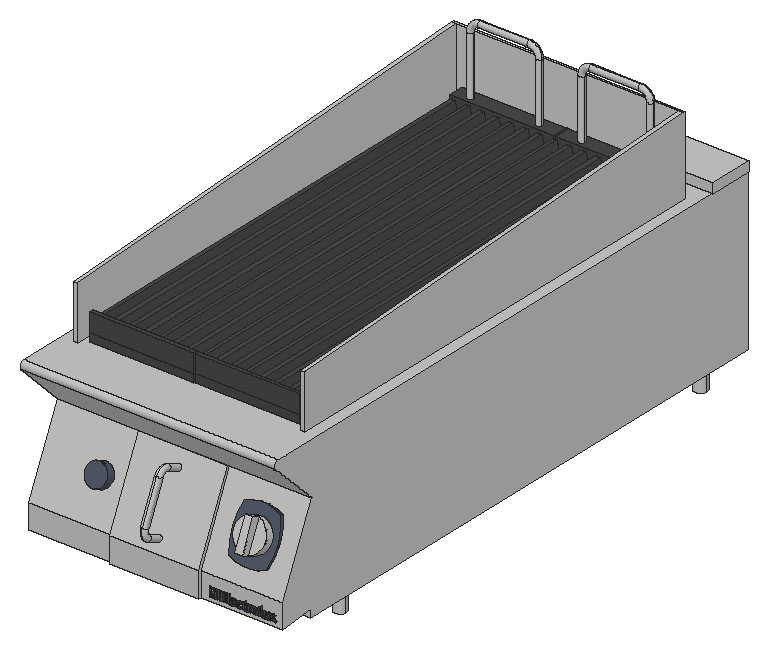
Revit family "QF_ELECTROLUXPROFESSIONAL_391186_E9GRTDGC0P", category Specialty Equipment, Revit 2018
Family settings
  Round Connector Dimension = Use Diameter
  Part Type = Normal
  Work Plane-Based = No
  Always vertical = Yes
  Cut with Voids When Loaded = No
  Shared = No
  Room Calculation Point = No
Parameters
  Width = 400 mm  # constant formula
  Weight in Pounds = 132.3
  Watts = 0 W
  URL Cutsheet = "www.electrolux.com"
  URL = "www.electrolux.com"
  Type Mark [instance] = ""
  Status [instance] = ""
  Specification by User [instance] = ""
  Specification by Manufacturer = ""
  Show Logo [instance] = yes
  Show Clearance [instance] = yes
  Serial Number = ""
  Seismic Rating = ""
  SMACNA No = ""
  Revision Code [instance] = ""
  Omniclass Number and Title = ""
  NAFEM Spec ID Number = ""
  Model = "391186"
  Mechanical Remarks [instance] = ""
  Mechanical Connection Type [instance] = ""
  Masterspec = ""
  Manufacturer = "ELECTROLUX"
  Item Number [instance] = ""
  Installed By [instance] = ""
  Identify Quantity as Lot [instance] = yes
  HP = "0 HP"
  Gas Size = 3/4"
  Gas RI Height [instance] = 0 mm
  Gas KW [instance] = 10  # constant formula
  Gas Input [instance] = 10000 VA  # 34121.4 Btu/h
  Gas Connection Height = 0 mm
  Furnished By [instance] = ""
  Foodservice Equipment Identifier [instance] = yes
  Direct Waste Size = 0"
  Description = "GAS GRILL TOP HP 400 MM TOWN GAS"
  Depth = 930 mm  # constant formula
  CSI MasterFormat = ""
  CSI Master Format = ""
  Base Height [instance] = 0 mm
Reference planes
  plane 1 "BACK": y = 0
  plane 2: z = 0
  plane 3 "LEFT": x = 0
  plane 4 "RIGHT": x = 400
  plane 5 "FRONT": y = -930
  plane 6 "TOP": z = 275
  plane 7 "Center Y": x = 200
  plane 8 "Center X": y = -465
  plane 9: z = 24
  plane 10: z = 425
  plane 11: x = 11
  plane 12: y = -1690
  plane 13: y = -80
  plane 14: y = -788
  plane 15: y = -941
  plane 16: x = 389
Forms (mm)
  Extrusion 1, solid, material "QF_Finishes_Black"
    sketch origin (52.271, -831.985, 287.7) x (-0.153405, 0, 0.988163) y (-0.988163, 0, -0.153405)
      loop
        line (31.654, 12.538) -> (2.646, 17.041) -> (-22.417, -144.4) -> (6.591, -148.903) -> (31.654, 12.538)
      loop
        line (-47.971, -309.003) -> (-18.962, -313.506) -> (6.1, -152.065) -> (-22.908, -147.562) -> (-47.971, -309.003)
    from 5 to 0
  Extrusion 2, solid, material "QF_Finishes_Stainless Steel"
    sketch origin (0, 0, 0) x (0, 1, 0) y (0, 0, 1)
      loop
        line (0, 275) -> (-922.639, 275)
        arc (-922.639, 275) -> (-929.44, 270.456) -> (-927.844, 262.434) r 7.361
        line (-927.844, 262.434) -> (-857.044, 191.634) -> (-913.4, 69.19) -> (-913.4, 31.09) -> (-860.028, 36.7) -> (-860.028, 24) -> (0, 24) -> (0, 275)
    from 0 to 400
  Extrusion 3, solid, material "QF_Finishes_Stainless Steel"
    sketch origin (0, 0, 0) x (1, 0, 0) y (0, 1, 0)
      loop
        circle (11, -80) r 9.525
      loop
        circle (11, -788) r 9.525
      loop
        circle (389, -80) r 9.525
      loop
        circle (389, -788) r 9.525
    from 0 to 24
  Extrusion 4, solid, material "QF_Finishes_Stainless Steel"
    sketch origin (151.15, -199.714, 0) x (0, 1, 0) y (0, 0, 1)
      loop
        line (-657.416, 191.447) -> (-660.323, 192.784) -> (-716.972, 69.704) -> (-716.972, 30.903) -> (-713.772, 30.903) -> (-713.772, 69.003) -> (-657.416, 191.447)
    from -21.15 to 118.85
  Sweep 5, solid, material "QF_Finishes_Stainless Steel"
    path origin (200, 175.397, 1219.2) x (0, 1, 0) y (0, 0, 1)
      loop
        line (-1045.726, -1048.776) -> (-1066.355, -1039.282)
        arc (-1066.355, -1039.282) -> (-1076.068, -1038.906) -> (-1083.202, -1045.508) r 12.7
        line (-1083.202, -1045.508) -> (-1110.749, -1105.361)
        arc (-1110.749, -1105.361) -> (-1111.125, -1115.074) -> (-1104.523, -1122.207) r 12.7
        line (-1104.523, -1122.207) -> (-1083.894, -1131.702)
    profile origin (200, -880.643, 175.171) x (0, -0.418102, -0.9084) y (1, 0, 0)
      loop
        circle (0, 0) r 4.572
  Extrusion 6, solid, material "QF_Finishes_Navy Blue"
    sketch origin (653.031, -927.103, 39.419) x (0, 0.418102, 0.9084) y (-1, 0, 0)
      loop
        circle (98.862, 559.801) r 17.8
    from 0 to 12.7
  Extrusion 7, solid, material "QF_Door-Drawer Clearances", visible <- "Show Clearance", detail levels coarse
    sketch origin (200, 175.397, 1219.2) x (0, 1, 0) y (0, 0, 1)
      loop
        line (-1035.434, -1026.416) -> (-1784.369, -1026.416) -> (-1841.019, -1149.496) -> (-1841.019, -1188.297) -> (-1092.084, -1188.297) -> (-1092.084, -1149.496) -> (-1035.434, -1026.416)
    from 70 to -70
  Extrusion 8, solid, material "QF_Finishes_Navy Blue"
    sketch origin (-203.02, -913.486, 69.003) x (0, 0.418102, 0.9084) y (-1, 0, 0)
      loop
        arc (102.623, -510.47) -> (67.041, -502.846) -> (31.333, -509.853) r 90.5
        arc (31.333, -509.853) -> (24.507, -539.04) -> (31.333, -568.228) r 65.817
        arc (31.333, -568.228) -> (67.04, -575.188) -> (102.623, -567.615) r 91.066
        arc (102.623, -567.615) -> (109.179, -539.043) -> (102.623, -510.47) r 65.546
    from 0 to 3.175
  Extrusion 9, solid, material "QF_Finishes_Stainless Steel"
    sketch origin (175.73, -917.2, 68.529) x (0, 0.418102, 0.9084) y (-1, 0, 0)
      loop
        circle (68.826, -160.963) r 25.4
    from 0 to 12.7
  Extrusion 10, solid, material "QF_Finishes_Stainless Steel"
    sketch origin (175.73, -928.736, 73.839) x (0, 0.418102, 0.9084) y (-1, 0, 0)
      loop
        arc (93.558, -166.749) -> (94.226, -160.963) -> (93.558, -155.177) r 25.4
        line (93.558, -155.177) -> (44.094, -155.177)
        arc (44.094, -155.177) -> (43.426, -160.963) -> (44.094, -166.749) r 25.4
        line (44.094, -166.749) -> (93.558, -166.749)
    from 0 to 12.7
  Sweep 11, solid, material "QF_Door-Drawer Clearances", visible <- "Show Clearance", detail levels coarse
    path origin (200, 175.397, 1219.2) x (0, 1, 0) y (0, 0, 1)
      loop
        line (-1794.661, -1048.776) -> (-1815.29, -1039.282)
        arc (-1815.29, -1039.282) -> (-1825.003, -1038.906) -> (-1832.136, -1045.508) r 12.7
        line (-1832.136, -1045.508) -> (-1859.684, -1105.361)
        arc (-1859.684, -1105.361) -> (-1860.06, -1115.074) -> (-1853.457, -1122.207) r 12.7
        line (-1853.457, -1122.207) -> (-1832.829, -1131.702)
    profile origin (200, -1629.578, 175.171) x (0, -0.418102, -0.9084) y (1, 0, 0)
      loop
        circle (0, 0) r 4.572
  Extrusion 12, solid, material "QF_Finishes_Stainless Steel"
    sketch origin (35.025, -104.885, 275) x (0, 0, 1) y (1, 0, 0)
      loop
        line (0, -16.35) -> (122.362, -16.35) -> (122.362, 346.3) -> (0, 346.3) -> (0, -16.35)
    from 0 to 3.2
  Extrusion 13, solid, material "QF_Finishes_Stainless Steel"
    sketch origin (0, -101.6, 24) x (-1, 0, 0) y (0, 1, 0)
      loop
        circle (-347.9, -561.4) r 6.35
    from 0 to 9
  Extrusion 14, solid, material "QF_Finishes_Stainless Steel"
    sketch origin (25.025, -104.885, 396.363) x (0, -1, 0) y (0, 0, -1)
      loop
        line (0, -1) -> (743.115, 37.857) -> (743.115, 121.363) -> (0, 121.363) -> (0, -1)
    from 0 to -6.35
  Extrusion 15, solid, material "QF_Finishes_Stainless Steel"
    sketch origin (374.975, -104.885, 396.363) x (0, -1, 0) y (0, 0, 1)
      loop
        line (0, 1) -> (0, -121.363) -> (743.115, -121.362) -> (743.115, -37.857) -> (0, 1)
    from 0 to -6.35
  Sweep 16, solid, material "QF_Finishes_Stainless Steel"
    path origin (-10.789, -118.772, 31.265) x (0, 0, 1) y (-1, 0, 0)
      loop
        line (280.79, -69.374) -> (373.677, -69.374)
        arc (373.677, -69.374) -> (384.453, -73.837) -> (388.917, -84.614) r 15.24
        line (388.917, -84.614) -> (388.917, -162.056)
        arc (388.917, -162.056) -> (384.453, -172.833) -> (373.677, -177.296) r 15.24
        line (373.677, -177.296) -> (280.79, -177.296)
    profile origin (58.585, -118.772, 358.499) x (-1, 0, 0) y (0, -1, 0)
      loop
        circle (0, 0) r 4.572
  Sweep 17, solid, material "QF_Finishes_Stainless Steel"
    path origin (410.789, -118.772, 31.265) x (0, 0, 1) y (-1, 0, 0)
      loop
        line (280.79, 69.374) -> (373.677, 69.374)
        arc (373.677, 69.374) -> (384.453, 73.837) -> (388.917, 84.614) r 15.24
        line (388.917, 84.614) -> (388.917, 162.056)
        arc (388.917, 162.056) -> (384.453, 172.833) -> (373.677, 177.296) r 15.24
        line (373.677, 177.296) -> (280.79, 177.296)
    profile origin (341.415, -118.772, 358.499) x (-1, 0, 0) y (0, -1, 0)
      loop
        circle (0, 0) r 4.572
  Extrusion 18, solid, material "QF_Finishes_Black"
    sketch origin (0, 0, 275) x (0, -1, 0) y (1, 0, 0)
      loop
        line (836.985, 198.45) -> (130.285, 198.45) -> (130.285, 35.025) -> (836.985, 35.025) -> (836.985, 198.45)
      loop
        line (836.985, 201.55) -> (836.985, 364.975) -> (130.285, 364.975) -> (130.285, 201.55) -> (836.985, 201.55)
    from 0 to 12.7
  Extrusion 19, solid, material "QF_Finishes_Black"
    sketch origin (0, 0, 287.7) x (0, -1, 0) y (1, 0, 0)
      loop
        line (104.885, 198.45) -> (104.885, 35.025) -> (130.285, 35.025) -> (130.285, 198.45) -> (104.885, 198.45)
      loop
        line (130.285, 201.55) -> (130.285, 364.975) -> (104.885, 364.975) -> (104.885, 201.55) -> (130.285, 201.55)
    from 0 to 24.356
  Extrusion 20, solid, material "QF_Finishes_Stainless Steel"
    sketch origin (0, 0, 275) x (0, -1, 0) y (1, 0, 0)
      loop
        line (0, 400) -> (0, 0) -> (69.85, 0) -> (69.85, 400) -> (0, 400)
    from 0 to 15
  Extrusion 21, solid, material "QF_Clearances", visible <- "Show Clearance", detail levels coarse
    sketch origin (0, 0, 0) x (1, 0, 0) y (0, 1, 0)
      loop
        line (400, -930) -> (552, -930) -> (552, 203) -> (-152, 203) -> (-152, -930) -> (0, -930) -> (0, 0) -> (400, 0) -> (400, -930)
    from 0 to 425
  Extrusion 22, solid, material "QF_Finishes_Navy Blue", visible <- "Show Logo"
    sketch origin (0, -913.4, 31.09) x (0, 0, 1) y (-1, 0, 0)
      loop
        line (20.486, -293.797) -> (8.12, -293.797)
        arc (8.12, -293.797) -> (14.303, -298.368) -> (20.486, -293.797) r 6.467
      loop
        arc (20.486, -293.168) -> (19.317, -288.025) -> (14.662, -285.547) r 6.338
        line (14.662, -285.547) -> (14.662, -287.593)
        arc (14.662, -287.593) -> (16.145, -291.248) -> (19.591, -293.168) r 5.941
        line (19.591, -293.168) -> (20.486, -293.168)
      loop
        arc (9.015, -293.168) -> (12.461, -291.248) -> (13.945, -287.593) r 5.941
        line (13.945, -287.593) -> (13.945, -285.547)
        arc (13.945, -285.547) -> (9.25, -288.021) -> (7.961, -293.168) r 6.504
        line (7.961, -293.168) -> (9.015, -293.168)
      loop
        line (21.161, -285.078) -> (7.417, -285.078) -> (7.417, -298.841) -> (21.161, -298.841) -> (21.161, -285.078)
      loop
        arc (21.245, -301.808) -> (20.897, -301.451) -> (20.53, -301.789) r 0.358
        arc (20.53, -301.789) -> (20.216, -302.539) -> (19.499, -302.924) r 1.216
        line (19.499, -302.924) -> (9.087, -302.924)
        arc (9.087, -302.924) -> (8.427, -302.646) -> (8.031, -302.05) r 1.238
        arc (8.031, -302.05) -> (7.636, -301.799) -> (7.33, -302.153) r 0.358
        line (7.33, -302.153) -> (7.33, -312.032) -> (10.081, -312.032) -> (10.081, -311.135)
        arc (10.081, -311.135) -> (9.172, -310.555) -> (8.717, -309.578) r 1.928
        line (8.717, -309.578) -> (8.717, -307.079)
        arc (8.717, -307.079) -> (8.992, -306.35) -> (9.681, -305.986) r 1.101
        line (9.681, -305.986) -> (13.767, -305.986) -> (13.767, -309.659)
        arc (13.767, -309.659) -> (13.415, -310.157) -> (12.849, -310.384) r 1.083
        arc (12.849, -310.384) -> (12.586, -310.69) -> (12.878, -310.968) r 0.292
        line (12.878, -310.968) -> (15.84, -310.968)
        arc (15.84, -310.968) -> (16.143, -310.695) -> (15.904, -310.365) r 0.305
        arc (15.904, -310.365) -> (15.414, -310.117) -> (15.109, -309.659) r 1.083
        line (15.109, -309.659) -> (15.109, -305.986) -> (19.786, -305.986) -> (19.786, -309.733)
        arc (19.786, -309.733) -> (19.572, -310.489) -> (18.965, -310.987) r 1.314
        arc (18.965, -310.987) -> (18.746, -311.391) -> (19.101, -311.683) r 0.361
        line (19.101, -311.683) -> (21.245, -311.683) -> (21.245, -301.808)
      loop
        arc (20.528, -312.464) -> (20.147, -313.383) -> (19.229, -313.763) r 1.299
        line (19.229, -313.763) -> (9.65, -313.763)
        arc (9.65, -313.763) -> (8.812, -313.385) -> (8.54, -312.507) r 1.118
        line (8.54, -312.507) -> (7.33, -312.507) -> (7.33, -317.857) -> (8.519, -317.857)
        arc (8.519, -317.857) -> (8.79, -316.94) -> (9.66, -316.544) r 1.153
        line (9.66, -316.544) -> (21.733, -316.544) -> (20.528, -312.464)
      loop
        line (12.295, -320.493) -> (12.295, -326.941) -> (13.094, -326.941)
        arc (13.094, -326.941) -> (15.675, -325.956) -> (16.943, -323.502) r 3.874
        line (16.943, -323.502) -> (16.943, -321.742)
        arc (16.943, -321.742) -> (15.757, -318.877) -> (12.892, -317.691) r 4.051
        line (12.892, -317.691) -> (10.884, -317.691)
        arc (10.884, -317.691) -> (8.066, -319.176) -> (7.014, -322.183) r 4.352
        arc (7.014, -322.183) -> (7.378, -324.646) -> (8.756, -326.72) r 5.713
        line (8.756, -326.72) -> (9.705, -326.72)
        arc (9.705, -326.72) -> (8.972, -325.151) -> (8.756, -323.433) r 5.579
        arc (8.756, -323.433) -> (9.55, -321.47) -> (11.429, -320.493) r 3.057
        line (11.429, -320.493) -> (12.295, -320.493)
      loop
        line (13.554, -320.493) -> (13.554, -324.075)
        arc (13.554, -324.075) -> (15.011, -324.122) -> (15.894, -322.963) r 1.59
        line (15.894, -322.963) -> (15.894, -322.133)
        arc (15.894, -322.133) -> (15.03, -320.878) -> (13.554, -320.493) r 2.184
      loop
        arc (16.345, -336.358) -> (16.834, -334.684) -> (16.992, -332.947) r 9.023
        line (16.992, -332.947) -> (16.992, -331.585)
        arc (16.992, -331.585) -> (15.832, -328.785) -> (13.033, -327.626) r 3.959
        line (13.033, -327.626) -> (10.432, -327.626)
        arc (10.432, -327.626) -> (8.151, -328.918) -> (7.033, -331.291) r 4.331
        line (7.033, -331.291) -> (7.033, -333.426)
        arc (7.033, -333.426) -> (7.542, -334.976) -> (8.463, -336.322) r 5.772
        arc (8.463, -336.322) -> (9.225, -336.373) -> (9.311, -335.614) r 0.553
        arc (9.311, -335.614) -> (8.924, -334.88) -> (8.79, -334.061) r 2.573
        line (8.79, -334.061) -> (8.79, -332.546)
        arc (8.79, -332.546) -> (9.796, -330.904) -> (11.61, -330.262) r 2.884
        line (11.61, -330.262) -> (12.889, -330.262)
        arc (12.889, -330.262) -> (14.71, -330.822) -> (15.637, -332.487) r 2.554
        line (15.637, -332.487) -> (15.637, -333.54)
        arc (15.637, -333.54) -> (15.305, -334.468) -> (14.648, -335.203) r 2.564
        arc (14.648, -335.203) -> (14.427, -335.92) -> (15.036, -336.358) r 0.643
        line (15.036, -336.358) -> (16.345, -336.358)
      loop
        line (15.327, -336.628) -> (15.327, -338.129) -> (9.279, -338.129)
        arc (9.279, -338.129) -> (7.691, -338.787) -> (7.033, -340.375) r 2.246
        line (7.033, -340.375) -> (7.033, -341.959)
        arc (7.033, -341.959) -> (7.347, -342.823) -> (7.848, -343.595) r 4.06
        arc (7.848, -343.595) -> (8.58, -343.728) -> (8.832, -343.027) r 0.576
        arc (8.832, -343.027) -> (8.726, -342.501) -> (8.79, -341.969) r 1.69
        arc (8.79, -341.969) -> (9.331, -341.181) -> (10.238, -340.878) r 1.506
        line (10.238, -340.878) -> (15.376, -340.878) -> (15.376, -343.275) -> (15.932, -343.831) -> (16.754, -343.831) -> (16.754, -340.972) -> (19.985, -340.972) -> (15.327, -336.628)
      loop
        line (7.251, -344.729) -> (7.251, -350.116) -> (8.361, -350.116)
        arc (8.361, -350.116) -> (8.755, -349.165) -> (9.706, -348.771) r 1.345
        line (9.706, -348.771) -> (13.322, -348.771)
        arc (13.322, -348.771) -> (14.087, -349.363) -> (14.376, -350.285) r 1.615
        line (14.376, -350.285) -> (14.376, -351.841) -> (16.932, -352.526) -> (16.932, -351.143) -> (14.989, -348.584) -> (16.87, -348.584) -> (16.585, -345.878)
        arc (16.585, -345.878) -> (16.146, -345.348) -> (15.487, -345.549) r 0.621
        arc (15.487, -345.549) -> (15.086, -345.891) -> (14.592, -346.074) r 1.501
        line (14.592, -346.074) -> (9.706, -346.074)
        arc (9.706, -346.074) -> (8.755, -345.68) -> (8.361, -344.729) r 1.345
        line (8.361, -344.729) -> (7.251, -344.729)
      loop
        line (13.353, -352.063) -> (10.66, -352.063)
        arc (10.66, -352.063) -> (8.215, -353.371) -> (7.081, -355.901) r 4.288
        arc (7.081, -355.901) -> (7.018, -357.282) -> (7.081, -358.662) r 15.022
        arc (7.081, -358.662) -> (8.215, -361.193) -> (10.66, -362.5) r 4.288
        line (10.66, -362.5) -> (13.353, -362.5)
        arc (13.353, -362.5) -> (15.798, -361.193) -> (16.932, -358.662) r 4.288
        arc (16.932, -358.662) -> (16.996, -357.282) -> (16.932, -355.901) r 15.022
        arc (16.932, -355.901) -> (15.798, -353.371) -> (13.353, -352.063) r 4.288
      loop
        line (13.557, -355.177) -> (10.456, -355.177)
        arc (10.456, -355.177) -> (8.299, -357.334) -> (10.456, -359.491) r 2.157
        line (10.456, -359.491) -> (13.557, -359.491)
        arc (13.557, -359.491) -> (15.714, -357.334) -> (13.557, -355.177) r 2.157
      loop
        arc (20.538, -362.358) -> (20.168, -363.252) -> (19.274, -363.623) r 1.264
        line (19.274, -363.623) -> (9.409, -363.623)
        arc (9.409, -363.623) -> (8.539, -363.226) -> (8.268, -362.31) r 1.153
        line (8.268, -362.31) -> (7.33, -362.31) -> (7.33, -367.418) -> (8.259, -367.418)
        arc (8.259, -367.418) -> (8.618, -366.646) -> (9.409, -366.331) r 1.153
        line (9.409, -366.331) -> (21.733, -366.331) -> (20.538, -362.358)
      loop
        arc (15.658, -366.956) -> (15.459, -368.02) -> (14.49, -368.502) r 1.215
        line (14.49, -368.502) -> (9.47, -368.502)
        arc (9.47, -368.502) -> (7.856, -369.149) -> (7.135, -370.732) r 2.338
        line (7.135, -370.732) -> (7.135, -372.247)
        arc (7.135, -372.247) -> (7.309, -373.251) -> (7.812, -374.137) r 2.979
        line (7.812, -374.137) -> (7.33, -375.934) -> (7.33, -377.622) -> (16.756, -377.622) -> (16.462, -373.419) -> (15.675, -373.419)
        arc (15.675, -373.419) -> (15.32, -374.255) -> (14.567, -374.764) r 1.605
        line (14.567, -374.764) -> (9.465, -374.764)
        arc (9.465, -374.764) -> (9.044, -373.827) -> (8.972, -372.803) r 2.94
        arc (8.972, -372.803) -> (9.532, -371.702) -> (10.686, -371.259) r 1.724
        line (10.686, -371.259) -> (16.882, -371.259) -> (15.658, -366.956)
      loop
        line (16.687, -378.476) -> (15.014, -380.522) -> (11.841, -382.828) -> (8.384, -379.716)
        arc (8.384, -379.716) -> (8.147, -379.322) -> (8.169, -378.863) r 0.789
        line (8.169, -378.863) -> (7.33, -378.863) -> (7.33, -382.408) -> (8.157, -382.408)
        arc (8.157, -382.408) -> (8.499, -382.046) -> (8.989, -382.138) r 0.52
        line (8.989, -382.138) -> (10.789, -383.609) -> (8.67, -384.985)
        arc (8.67, -384.985) -> (8.269, -384.675) -> (8.183, -384.175) r 0.7
        line (8.183, -384.175) -> (7.33, -384.175) -> (7.33, -390.102) -> (8.217, -390.102)
        arc (8.217, -390.102) -> (8.284, -389.443) -> (8.679, -388.912) r 1.247
        line (8.679, -388.912) -> (12.878, -385.631) -> (15.326, -387.684) -> (16.687, -389.426) -> (16.687, -385.702) -> (15.202, -386.125) -> (13.68, -384.848) -> (15.38, -383.658) -> (16.687, -384.434) -> (16.687, -378.476)
    from 0 to 1.644
  Extrusion 23, solid, material "QF_Finishes_Stainless Steel"
    sketch origin (0, 0, 274.825) x (0, 0, -1) y (-1, 0, 0)
      loop
        circle (220.85, -347.613) r 9.525
    from -50.8 to -54
Cuts and joins
  joined: Extrusion 12, Extrusion 14, Extrusion 15
Lines and regions (mm)
  Split face 1
    outline origin (-203.02, -916.37, 70.33) x (0, 0.418102, 0.9084) y (-1, 0, 0)
      loop
        arc (67.041, -503.158) -> (48.669, -506.69) -> (35.363, -519.842) r 32.191
        line (35.363, -519.842) -> (45.047, -525.087)
        arc (45.047, -525.087) -> (54.648, -516.737) -> (67.041, -513.859) r 26.351
        line (67.041, -513.859) -> (67.041, -503.158)
  Split face 2
    outline origin (-203.02, -916.37, 70.33) x (0, 0.418102, 0.9084) y (-1, 0, 0)
      loop
        line (44.251, -526.293) -> (34.615, -521.075)
        arc (34.615, -521.075) -> (41.047, -560.592) -> (81.049, -562.261) r 31.684
        arc (81.049, -562.261) -> (48.21, -559.05) -> (44.251, -526.293) r 26.351
  symbolic lines, style "QF_Door-Drawer Clearances"
    curve 1: line (270, -1665.621, 0) -> (270, -930, 0)
    curve 2: line (270, -1665.621, 0) -> (218.222, -1665.621, 0)
    curve 3: line (130, -1665.621, 0) -> (130, -930, 0)
    curve 4: spline (213.65, -1617.352, 0) -> (214.247, -1617.369, 0) -> (214.833, -1617.417, 0) -> (215.4, -1617.498, 0) -> (215.936, -1617.608, 0) -> (216.433, -1617.747, 0) -> (216.883, -1617.912, 0) -> (217.277, -1618.1, 0) -> (217.609, -1618.308, 0) -> (217.874, -1618.532, 0) -> (218.066, -1618.769, 0) -> (218.183, -1619.014, 0) -> (218.222, -1619.264, 0)
    curve 5: spline (209.078, -1619.264, 0) -> (209.117, -1619.014, 0) -> (209.234, -1618.769, 0) -> (209.426, -1618.532, 0) -> (209.691, -1618.308, 0) -> (210.023, -1618.1, 0) -> (210.417, -1617.912, 0) -> (210.867, -1617.747, 0) -> (211.364, -1617.608, 0) -> (211.9, -1617.498, 0) -> (212.467, -1617.417, 0) -> (213.053, -1617.369, 0) -> (213.65, -1617.352, 0)
    curve 6: line (218.222, -1619.264, 0) -> (218.222, -1685.435, 0)
    curve 7: line (209.078, -1619.264, 0) -> (209.078, -1685.435, 0)
    curve 8: arc (209.078, -1685.435, 0) -> (213.65, -1690.007, 0) -> (218.222, -1685.435, 0) r 4.572
    curve 9: line (209.078, -1665.621, 0) -> (130, -1665.621, 0)
  symbolic lines
    curve 10: line (0, 0, 0) -> (0, -930, 0)
    curve 11: line (219.938, -130.285, 0) -> (198.45, -130.285, 0)
    curve 12: line (233.404, -123.365, 0) -> (341.02, -123.365, 0)
    curve 13: line (233.404, -114.221, 0) -> (341.02, -114.221, 0)
    curve 14: arc (341.02, -114.221, 0) -> (345.592, -118.793, 0) -> (341.02, -123.365, 0) r 4.572
    curve 15: arc (233.404, -114.221, 0) -> (228.832, -118.793, 0) -> (233.404, -123.365, 0) r 4.572
    curve 16: line (36.625, -130.285, 0) -> (216.737, -130.285, 0)
    curve 17: line (58.584, -123.344, 0) -> (166.539, -123.344, 0)
    curve 18: line (58.584, -114.2, 0) -> (166.539, -114.2, 0)
    curve 19: arc (166.539, -114.2, 0) -> (171.111, -118.772, 0) -> (166.539, -123.344, 0) r 4.572
    curve 20: arc (58.584, -114.2, 0) -> (54.012, -118.772, 0) -> (58.584, -123.344, 0) r 4.572
    curve 24: line (0, 0, 0) -> (400, 0, 0)
    curve 25: line (400, 0, 0) -> (400, -930, 0)
    curve 26: line (400, -930, 0) -> (0, -930, 0)
    curve 27: line (0, -69.85, 0) -> (400, -69.85, 0)
    curve 28: line (381.325, -101.685, 0) -> (18.675, -101.685, 0)
    curve 29: line (18.675, -101.685, 0) -> (18.675, -104.885, 0)
    curve 30: line (18.675, -104.885, 0) -> (25.025, -104.885, 0)
    curve 31: line (25.025, -104.885, 0) -> (374.975, -104.885, 0)
    curve 32: line (374.975, -104.885, 0) -> (381.325, -104.885, 0)
    curve 33: line (381.325, -104.885, 0) -> (381.325, -101.685, 0)
    curve 34: line (18.675, -848, 0) -> (18.675, -104.885, 0)
    curve 35: line (25.025, -848, 0) -> (25.025, -104.885, 0)
    curve 36: line (35.025, -104.885, 0) -> (35.025, -130.285, 0)
    curve 37: line (198.45, -130.285, 0) -> (198.45, -104.885, 0)
    curve 38: line (201.55, -104.885, 0) -> (201.55, -130.285, 0)
    curve 39: line (364.975, -130.285, 0) -> (364.975, -104.885, 0)
    curve 40: line (374.975, -104.885, 0) -> (374.975, -848, 0)
    curve 41: line (381.325, -104.885, 0) -> (381.325, -848, 0)
    curve 42: line (374.975, -848, 0) -> (381.325, -848, 0)
    curve 43: line (35.025, -836.985, 0) -> (364.975, -836.985, 0)
    curve 44: line (364.975, -836.985, 0) -> (364.975, -831.985, 0)
    curve 45: line (35.025, -831.985, 0) -> (35.025, -836.985, 0)
    curve 46: line (18.675, -848, 0) -> (25.025, -848, 0)
  symbolic lines, style "QF_Clearances", visible <- "Show Clearance", detail levels coarse
    curve 21: line (552, 203, 0) -> (-152, 203, 0)
    curve 22: line (-152, 203, 0) -> (-152, -930, 0)
    curve 23: line (552, -930, 0) -> (552, 203, 0)
Dimensions and locks
  equal spacing: plane 3 "LEFT", plane 7 "Center Y", plane 4 "RIGHT"
  "Width": plane 3 "LEFT" to plane 4 "RIGHT"
  equal spacing: plane 5 "FRONT", plane 8 "Center X", plane 1 "BACK"
  "Depth": plane 5 "FRONT" to plane 1 "BACK"
  plane 6 "TOP" to level = 275 mm
  plane 9 to level = 24 mm
  plane 6 "TOP" to plane 9 = 251 mm  (x2)
  plane 10 to level = 425 mm
  plane 10 to plane 9 = 401 mm
  plane 1 "BACK" to plane 12 = 1690 mm  (x2)
  plane 1 "BACK" to plane 5 "FRONT" = 930 mm  (x2)
  plane 5 "FRONT" to plane 14 to plane 13 to plane 1 "BACK" = 142 mm, 708 mm, 80 mm
  plane 9 to plane 2 = 24 mm
  Extrusion 20 to plane 9 = 266 mm
  plane 12 to plane 1 "BACK" = 1690 mm
  plane 5 "FRONT" to plane 1 "BACK" = 930 mm
  plane 15 to plane 1 "BACK" = 941 mm
  Extrusion 13 to plane 9 = 9 mm
  Extrusion 13 sketch curve to plane 1 "BACK" = 663 mm
  Extrusion 23 sketch curve to plane 4 "RIGHT" = 52.388 mm
  Extrusion 23 sketch curve to level = 53.975 mm
  plane 1 "BACK" to plane 15 = 941 mm
  plane 1 "BACK" to plane 13 = 80 mm
  plane 14 to plane 5 "FRONT" = 142 mm
  plane 9 to Extrusion 21 = 24 mm
  plane 11 to plane 3 "LEFT" = 11 mm
  plane 4 "RIGHT" to plane 16 = 11 mm
  plane 11 to plane 16 = 378 mm
  aligned and locked: level to plane 2
  aligned and locked: plane 10 to Extrusion 21
Automatic sketch dimensions
  plane 6 "TOP" to Extrusion 1 sketch curve = 12.7 mm
  plane 4 "RIGHT" to Extrusion 1 sketch curve = 35.025 mm
  Extrusion 1 sketch curve to Extrusion 1 sketch curve = 25.063 mm  (x2)
  Extrusion 1 sketch curve to Extrusion 1 sketch curve = 0.491 mm  (x2)
  Extrusion 1 sketch curve to Extrusion 1 sketch curve = 29.008 mm
  Extrusion 1 sketch curve to Extrusion 1 sketch curve = 4.503 mm
  Extrusion 1 sketch curve to Extrusion 1 sketch curve = 3.162 mm  (x2)
  Extrusion 2 sketch curve to plane 6 "TOP" = 0 mm
  Extrusion 2 sketch curve to plane 9 = 0 mm
  Extrusion 2 sketch curve to plane 1 "BACK" = 0 mm
  Extrusion 2 sketch curve to plane 5 "FRONT" = 72.956 mm
  plane 9 to Extrusion 2 sketch curve = 12.7 mm
  Extrusion 2 sketch curve to plane 5 "FRONT" = 69.972 mm
  plane 9 to Extrusion 2 sketch curve = 7.09 mm
  Extrusion 2 sketch curve to plane 5 "FRONT" = 16.6 mm
  Extrusion 2 sketch curve to plane 5 "FRONT" = 7.361 mm
  Extrusion 2 sketch curve to plane 5 "FRONT" = 2.156 mm
  Extrusion 2 sketch curve to Extrusion 2 sketch curve = 38.1 mm
  Extrusion 2 sketch curve to plane 6 "TOP" = 83.366 mm
  Extrusion 2 sketch curve to plane 6 "TOP" = 12.566 mm
  Extrusion 4 sketch curve to plane 5 "FRONT" = 13.314 mm
  Extrusion 4 sketch curve to Extrusion 4 sketch curve = 3.2 mm
  Extrusion 4 sketch curve to plane 5 "FRONT" = 69.963 mm
  Extrusion 4 sketch curve to Extrusion 4 sketch curve = 2.907 mm
  plane 9 to Extrusion 4 sketch curve = 6.903 mm
  Extrusion 4 sketch curve to Extrusion 4 sketch curve = 38.1 mm
  Extrusion 4 sketch curve to Extrusion 4 sketch curve = 0.701 mm
  plane 5 "FRONT" to Sweep 5 sketch curve = 5.352 mm
  Sweep 5 sketch curve to plane 5 "FRONT" = 0.875 mm
  Sweep 5 sketch curve to plane 5 "FRONT" = 6.185 mm
  Sweep 5 sketch curve to plane 5 "FRONT" = 21.504 mm
  Sweep 5 sketch curve to plane 5 "FRONT" = 22.196 mm
  Sweep 5 sketch curve to Sweep 5 sketch curve = 11.537 mm  (x2)
  Sweep 5 sketch curve to Sweep 5 sketch curve = 5.31 mm  (x2)
  Sweep 5 sketch curve to Sweep 5 sketch curve = 20.629 mm
  plane 9 to Sweep 5 sketch curve = 63.498 mm
  Sweep 5 sketch curve to Sweep 5 sketch curve = 9.495 mm
  Sweep 5 sketch curve to Sweep 5 sketch curve = 59.852 mm
  Sweep 5 sketch curve to Sweep 5 sketch curve = 2.042 mm
  Sweep 5 sketch curve to plane 7 "Center Y" = 0 mm
  Sweep 5 sketch curve to profile plane = 0 mm
  Extrusion 6 sketch curve to Extrusion 2 = 66.089 mm
  Extrusion 2 to Extrusion 6 sketch curve = 93.23 mm
  plane 12 to Extrusion 7 sketch curve = 24.379 mm
  plane 12 to Extrusion 7 sketch curve = 81.028 mm
  Extrusion 7 sketch curve to plane 5 "FRONT" = 13.314 mm
  Extrusion 7 sketch curve to plane 5 "FRONT" = 69.963 mm
  plane 9 to Extrusion 7 sketch curve = 6.903 mm
  Extrusion 7 sketch curve to Extrusion 7 sketch curve = 38.801 mm  (x2)
  Extrusion 7 sketch curve to plane 6 "TOP" = 82.216 mm
  plane 4 "RIGHT" to Extrusion 8 sketch curve = 93.167 mm
  plane 4 "RIGHT" to Extrusion 8 sketch curve = 34.792 mm
  Extrusion 8 sketch curve to Extrusion 8 sketch curve = 0 mm
  Extrusion 8 sketch curve to Extrusion 8 sketch curve = 12.3 mm  (x3)
  plane 4 "RIGHT" to Extrusion 8 sketch curve = 9.678 mm
  Extrusion 8 sketch curve to Extrusion 8 sketch curve = 34.925 mm  (x2)
  Extrusion 8 sketch curve to Extrusion 8 sketch curve = 46.691 mm
  Extrusion 8 sketch curve to Extrusion 8 sketch curve = 28.575 mm
  Extrusion 10 sketch curve to Extrusion 10 sketch curve = 24.732 mm
  Extrusion 10 sketch curve to Extrusion 10 sketch curve = 0 mm
  Split face 1 sketch curve to Split face 1 sketch curve = 9.684 mm
  Split face 1 sketch curve to Split face 1 sketch curve = 18.622 mm
  Split face 1 sketch curve to Split face 1 sketch curve = 2.959 mm
  Split face 1 sketch curve to Split face 1 sketch curve = 21.994 mm
  Split face 1 sketch curve to Split face 1 sketch curve = 5.035 mm
  Split face 1 sketch curve to Split face 1 sketch curve = 10.085 mm
  Split face 1 sketch curve to Split face 1 sketch curve = 5.244 mm
  Split face 2 sketch curve to Split face 2 sketch curve = 9.635 mm
  Split face 2 sketch curve to Split face 2 sketch curve = 17.821 mm
  Split face 2 sketch curve to Split face 2 sketch curve = 4.557 mm
  Split face 2 sketch curve to Split face 2 sketch curve = 14.42 mm
  Split face 2 sketch curve to Split face 2 sketch curve = 22.055 mm
  Split face 2 sketch curve to Split face 2 sketch curve = 3.318 mm
  plane 12 to Sweep 11 sketch curve = 5.713 mm
  plane 12 to Sweep 11 sketch curve = 11.94 mm
  Sweep 11 sketch curve to Sweep 11 sketch curve = 11.537 mm  (x3)
  Sweep 11 sketch curve to Sweep 11 sketch curve = 20.629 mm  (x2)
  plane 12 to Sweep 11 sketch curve = 33.261 mm
  Sweep 11 sketch curve to Sweep 11 sketch curve = 5.31 mm  (x2)
  plane 9 to Sweep 11 sketch curve = 63.498 mm
  Sweep 11 sketch curve to Sweep 11 sketch curve = 9.495 mm
  Sweep 11 sketch curve to Sweep 11 sketch curve = 59.852 mm
  Sweep 11 sketch curve to Sweep 11 sketch curve = 2.042 mm
  Sweep 11 sketch curve to plane 7 "Center Y" = 0 mm
  Sweep 11 sketch curve to profile plane = 0 mm
  Extrusion 12 sketch curve to plane 6 "TOP" = 0 mm
  Extrusion 12 sketch curve to plane 10 = 27.638 mm
  Extrusion 12 sketch curve to plane 11 = 7.675 mm
  plane 4 "RIGHT" to Extrusion 12 sketch curve = 18.675 mm
  Extrusion 13 sketch curve to Extrusion 2 = 52.1 mm
  Extrusion 14 sketch curve to plane 6 "TOP" = 0 mm
  Extrusion 14 sketch curve to plane 10 = 27.637 mm
  plane 1 "BACK" to Extrusion 14 sketch curve = 104.885 mm
  Extrusion 14 sketch curve to plane 5 "FRONT" = 82 mm
  Extrusion 14 sketch curve to plane 10 = 66.495 mm
  Extrusion 15 sketch curve to plane 6 "TOP" = 0 mm
  Extrusion 15 sketch curve to plane 10 = 27.637 mm
  plane 1 "BACK" to Extrusion 15 sketch curve = 104.885 mm
  Extrusion 15 sketch curve to plane 5 "FRONT" = 82 mm
  Extrusion 15 sketch curve to plane 10 = 66.495 mm
  plane 6 "TOP" to Sweep 16 sketch curve = 37.056 mm  (x2)
  Sweep 16 sketch curve to plane 10 = 20.058 mm  (x2)
  Sweep 16 sketch curve to plane 10 = 4.818 mm
  Sweep 16 sketch curve to plane 7 "Center Y" = 33.492 mm
  Sweep 16 sketch curve to plane 11 = 62.825 mm
  Sweep 16 sketch curve to profile plane = 0 mm
  profile plane to Sweep 16 sketch curve = 0 mm
  plane 6 "TOP" to Sweep 17 sketch curve = 37.056 mm  (x2)
  Sweep 17 sketch curve to plane 10 = 20.058 mm  (x2)
  Sweep 17 sketch curve to plane 10 = 4.818 mm
  plane 4 "RIGHT" to Sweep 17 sketch curve = 58.585 mm
  plane 7 "Center Y" to Sweep 17 sketch curve = 48.732 mm
  Sweep 17 sketch curve to profile plane = 0 mm
  profile plane to Sweep 17 sketch curve = 0 mm
  Extrusion 2 to Extrusion 18 sketch curve = 35.025 mm  (x2)
  Extrusion 2 to Extrusion 18 sketch curve = 130.285 mm
  Extrusion 18 sketch curve to Extrusion 18 sketch curve = 0 mm  (x2)
  Extrusion 2 to Extrusion 18 sketch curve = 85.654 mm
  Extrusion 18 sketch curve to Extrusion 18 sketch curve = 163.425 mm
  Extrusion 18 sketch curve to Extrusion 18 sketch curve = 3.1 mm
  Extrusion 19 sketch curve to Extrusion 18 = 0 mm  (x5)
  Extrusion 18 to Extrusion 19 sketch curve = 0 mm
  Extrusion 18 to Extrusion 19 sketch curve = 25.4 mm
  Extrusion 19 sketch curve to Extrusion 19 sketch curve = 25.4 mm
  Extrusion 20 sketch curve to Extrusion 2 = 0 mm  (x3)
  Extrusion 2 to Extrusion 20 sketch curve = 69.85 mm
  Extrusion 3 sketch curve to plane 11 = 0 mm  (x2)
  Extrusion 3 sketch curve to plane 14 = 0 mm  (x2)
  Extrusion 3 sketch curve to plane 16 = 0 mm  (x2)
  plane 13 to Extrusion 3 sketch curve = 0 mm  (x2)
  Extrusion 21 sketch curve to plane 3 "LEFT" = 0 mm
  Extrusion 21 sketch curve to plane 4 "RIGHT" = 0 mm
  Extrusion 21 sketch curve to plane 1 "BACK" = 0 mm
  Extrusion 21 sketch curve to plane 1 "BACK" = 203 mm
  Extrusion 21 sketch curve to plane 3 "LEFT" = 152 mm
  Extrusion 21 sketch curve to plane 4 "RIGHT" = 152 mm
  plane 15 to Extrusion 21 sketch curve = 11 mm  (x2)
  Extrusion 22 sketch curve to Extrusion 2 = 1.973 mm
  Extrusion 22 sketch curve to Extrusion 2 = 7.014 mm
  Extrusion 22 sketch curve to Extrusion 2 = 7.033 mm  (x2)
  Extrusion 22 sketch curve to Extrusion 22 sketch curve = 5.108 mm  (x2)
  Extrusion 22 sketch curve to Extrusion 22 sketch curve = 0 mm  (x27)
  Extrusion 22 sketch curve to Extrusion 2 = 7.135 mm
  Extrusion 22 sketch curve to Extrusion 22 sketch curve = 0.218 mm
  Extrusion 22 sketch curve to Extrusion 22 sketch curve = 0.195 mm
  Extrusion 22 sketch curve to Extrusion 22 sketch curve = 0.249 mm
  Extrusion 22 sketch curve to Extrusion 2 = 7.33 mm
  Extrusion 22 sketch curve to Extrusion 22 sketch curve = 0.087 mm
  Extrusion 22 sketch curve to Extrusion 22 sketch curve = 0.358 mm
  Extrusion 22 sketch curve to Extrusion 22 sketch curve = 0.481 mm
  Extrusion 22 sketch curve to Extrusion 22 sketch curve = 0.597 mm
  Extrusion 22 sketch curve to Extrusion 22 sketch curve = 0.544 mm
  Extrusion 22 sketch curve to Extrusion 22 sketch curve = 0.936 mm
  Extrusion 22 sketch curve to Extrusion 22 sketch curve = 0.594 mm
  Extrusion 22 sketch curve to Extrusion 22 sketch curve = 0.343 mm
  Extrusion 22 sketch curve to Extrusion 22 sketch curve = 0.159 mm
  Extrusion 22 sketch curve to Extrusion 22 sketch curve = 0.826 mm
  Extrusion 22 sketch curve to Extrusion 22 sketch curve = 0.839 mm
  Extrusion 22 sketch curve to Extrusion 22 sketch curve = 0.852 mm
  Extrusion 22 sketch curve to Extrusion 22 sketch curve = 0.887 mm
  Extrusion 22 sketch curve to Extrusion 22 sketch curve = 0.928 mm
  Extrusion 22 sketch curve to Extrusion 22 sketch curve = 0.938 mm
  Extrusion 22 sketch curve to Extrusion 22 sketch curve = 0.444 mm
  Extrusion 22 sketch curve to Extrusion 22 sketch curve = 1.11 mm  (x3)
  Extrusion 22 sketch curve to Extrusion 22 sketch curve = 0.215 mm
  Extrusion 22 sketch curve to Extrusion 22 sketch curve = 1.43 mm
  Extrusion 22 sketch curve to Extrusion 22 sketch curve = 1.188 mm
  Extrusion 22 sketch curve to Extrusion 22 sketch curve = 1.21 mm  (x2)
  Extrusion 22 sketch curve to Extrusion 22 sketch curve = 0.503 mm
  Extrusion 22 sketch curve to Extrusion 22 sketch curve = 0.488 mm
  Extrusion 22 sketch curve to Extrusion 22 sketch curve = 0.462 mm
  Extrusion 22 sketch curve to Extrusion 22 sketch curve = 1.386 mm
  Extrusion 22 sketch curve to Extrusion 22 sketch curve = 1.742 mm  (x2)
  Extrusion 22 sketch curve to Extrusion 22 sketch curve = 0.821 mm
  Extrusion 22 sketch curve to Extrusion 22 sketch curve = 0.497 mm
  Extrusion 22 sketch curve to Extrusion 22 sketch curve = 0.539 mm
  Extrusion 22 sketch curve to Extrusion 22 sketch curve = 0.686 mm
  Extrusion 22 sketch curve to Extrusion 22 sketch curve = 0.408 mm
  Extrusion 22 sketch curve to Extrusion 22 sketch curve = 0.743 mm
  Extrusion 22 sketch curve to Extrusion 22 sketch curve = 1.16 mm
  Extrusion 22 sketch curve to Extrusion 22 sketch curve = 0.329 mm
  Extrusion 22 sketch curve to Extrusion 22 sketch curve = 1.054 mm
  Extrusion 22 sketch curve to Extrusion 22 sketch curve = 1.056 mm
  Extrusion 22 sketch curve to Extrusion 22 sketch curve = 1.185 mm
  Extrusion 22 sketch curve to Extrusion 22 sketch curve = 0.489 mm
  Extrusion 22 sketch curve to Extrusion 22 sketch curve = 0.441 mm
  Extrusion 22 sketch curve to Extrusion 22 sketch curve = 1.151 mm
  Extrusion 22 sketch curve to Extrusion 22 sketch curve = 1.141 mm  (x2)
  Extrusion 22 sketch curve to Extrusion 22 sketch curve = 0.768 mm
  Extrusion 22 sketch curve to Extrusion 22 sketch curve = 1.653 mm
  Extrusion 22 sketch curve to Extrusion 22 sketch curve = 0.499 mm
  Extrusion 22 sketch curve to Extrusion 22 sketch curve = 0.964 mm
  Extrusion 22 sketch curve to Extrusion 22 sketch curve = 0.949 mm
  Extrusion 22 sketch curve to Extrusion 22 sketch curve = 1.345 mm  (x3)
  Extrusion 22 sketch curve to Extrusion 22 sketch curve = 1.101 mm
  Extrusion 22 sketch curve to Extrusion 22 sketch curve = 0.432 mm
  Extrusion 22 sketch curve to Extrusion 22 sketch curve = 1.142 mm
  Extrusion 22 sketch curve to Extrusion 22 sketch curve = 0.959 mm
  Extrusion 22 sketch curve to Extrusion 22 sketch curve = 0.176 mm
  Extrusion 22 sketch curve to Extrusion 22 sketch curve = 0.728 mm
  Extrusion 22 sketch curve to Extrusion 22 sketch curve = 3.375 mm  (x2)
  Extrusion 22 sketch curve to Extrusion 22 sketch curve = 1.905 mm
  Extrusion 22 sketch curve to Extrusion 22 sketch curve = 0.955 mm
  Extrusion 22 sketch curve to Extrusion 22 sketch curve = 1.251 mm
  Extrusion 22 sketch curve to Extrusion 22 sketch curve = 0.572 mm
  Extrusion 22 sketch curve to Extrusion 22 sketch curve = 1.92 mm
  Extrusion 22 sketch curve to Extrusion 22 sketch curve = 1.224 mm
  Extrusion 22 sketch curve to Extrusion 22 sketch curve = 0.745 mm
  Extrusion 22 sketch curve to Extrusion 22 sketch curve = 2.537 mm
  Extrusion 22 sketch curve to Extrusion 22 sketch curve = 0.896 mm  (x3)
  Extrusion 22 sketch curve to Extrusion 22 sketch curve = 0.036 mm
  Extrusion 22 sketch curve to Extrusion 22 sketch curve = 2.607 mm
  Extrusion 22 sketch curve to Extrusion 22 sketch curve = 0.066 mm
  Extrusion 22 sketch curve to Extrusion 22 sketch curve = 0.248 mm
  Extrusion 22 sketch curve to Extrusion 22 sketch curve = 0.449 mm
  Extrusion 22 sketch curve to Extrusion 22 sketch curve = 1.052 mm
  Extrusion 22 sketch curve to Extrusion 22 sketch curve = 1.863 mm
  Extrusion 22 sketch curve to Extrusion 22 sketch curve = 1.31 mm  (x2)
  Extrusion 22 sketch curve to Extrusion 22 sketch curve = 0.901 mm
  Extrusion 22 sketch curve to Extrusion 22 sketch curve = 1.107 mm
  Extrusion 22 sketch curve to Extrusion 22 sketch curve = 2.122 mm
  Extrusion 22 sketch curve to Extrusion 22 sketch curve = 2.101 mm
  Extrusion 22 sketch curve to Extrusion 22 sketch curve = 0.106 mm
  Extrusion 22 sketch curve to Extrusion 22 sketch curve = 0.029 mm
  Extrusion 22 sketch curve to Extrusion 22 sketch curve = 2.09 mm
  Extrusion 22 sketch curve to Extrusion 22 sketch curve = 1.279 mm
  Extrusion 22 sketch curve to Extrusion 22 sketch curve = 2.008 mm
  Extrusion 22 sketch curve to Extrusion 22 sketch curve = 0.738 mm
  Extrusion 22 sketch curve to Extrusion 22 sketch curve = 0.382 mm
  Extrusion 22 sketch curve to Extrusion 22 sketch curve = 0.384 mm
  Extrusion 22 sketch curve to Extrusion 22 sketch curve = 0.002 mm
  Extrusion 22 sketch curve to Extrusion 22 sketch curve = 0.561 mm
  Extrusion 22 sketch curve to Extrusion 22 sketch curve = 0.592 mm
  Extrusion 22 sketch curve to Extrusion 22 sketch curve = 2.692 mm
  Extrusion 22 sketch curve to Extrusion 22 sketch curve = 1.259 mm
  Extrusion 22 sketch curve to Extrusion 22 sketch curve = 0.802 mm
  Extrusion 22 sketch curve to Extrusion 22 sketch curve = 1.024 mm
  Extrusion 22 sketch curve to Extrusion 22 sketch curve = 0.682 mm
  Extrusion 22 sketch curve to Extrusion 22 sketch curve = 5.934 mm
  Extrusion 22 sketch curve to Extrusion 22 sketch curve = 2.186 mm
  Extrusion 22 sketch curve to Extrusion 22 sketch curve = 0.337 mm
  Extrusion 22 sketch curve to Extrusion 22 sketch curve = 0.021 mm
  Extrusion 22 sketch curve to Extrusion 22 sketch curve = 1.005 mm
  Extrusion 22 sketch curve to Extrusion 22 sketch curve = 0.552 mm
  Extrusion 22 sketch curve to Extrusion 22 sketch curve = 0.778 mm
  Extrusion 22 sketch curve to Extrusion 22 sketch curve = 0.063 mm
  Extrusion 22 sketch curve to Extrusion 22 sketch curve = 1.023 mm
  Extrusion 22 sketch curve to Extrusion 22 sketch curve = 3.804 mm
  Extrusion 22 sketch curve to Extrusion 22 sketch curve = 0.486 mm
  Extrusion 22 sketch curve to Extrusion 22 sketch curve = 0.266 mm
  Extrusion 22 sketch curve to Extrusion 22 sketch curve = 1.547 mm
  Extrusion 22 sketch curve to Extrusion 22 sketch curve = 0.717 mm  (x2)
  Extrusion 22 sketch curve to Extrusion 22 sketch curve = 1.667 mm
  Extrusion 22 sketch curve to Extrusion 22 sketch curve = 3.174 mm
  Extrusion 22 sketch curve to Extrusion 22 sketch curve = 0.388 mm
  Extrusion 22 sketch curve to Extrusion 22 sketch curve = 1.342 mm
  Extrusion 22 sketch curve to Extrusion 22 sketch curve = 1.521 mm
  Extrusion 22 sketch curve to Extrusion 22 sketch curve = 0.124 mm
  Extrusion 22 sketch curve to Extrusion 22 sketch curve = 0.291 mm
  Extrusion 22 sketch curve to Extrusion 22 sketch curve = 1.049 mm  (x2)
  Extrusion 22 sketch curve to Extrusion 22 sketch curve = 1.7 mm
  Extrusion 22 sketch curve to Extrusion 22 sketch curve = 0.894 mm
  Extrusion 22 sketch curve to Extrusion 22 sketch curve = 0.989 mm
  Extrusion 22 sketch curve to Extrusion 22 sketch curve = 1.168 mm
  Extrusion 22 sketch curve to Extrusion 22 sketch curve = 1.594 mm
  Extrusion 22 sketch curve to Extrusion 22 sketch curve = 0.731 mm
  Extrusion 22 sketch curve to Extrusion 22 sketch curve = 1.566 mm
  Extrusion 22 sketch curve to Extrusion 22 sketch curve = 0.064 mm
  Extrusion 22 sketch curve to Extrusion 22 sketch curve = 0.556 mm  (x2)
  Extrusion 22 sketch curve to Extrusion 22 sketch curve = 0.48 mm
  Extrusion 22 sketch curve to Extrusion 22 sketch curve = 0.228 mm
  Extrusion 22 sketch curve to Extrusion 22 sketch curve = 1.018 mm
  Extrusion 22 sketch curve to Extrusion 22 sketch curve = 0.787 mm
  Extrusion 22 sketch curve to Extrusion 22 sketch curve = 0.618 mm
  Extrusion 22 sketch curve to Extrusion 22 sketch curve = 1.672 mm
  Extrusion 22 sketch curve to Extrusion 22 sketch curve = 1.361 mm
  Extrusion 22 sketch curve to Extrusion 22 sketch curve = 0.822 mm
  Extrusion 22 sketch curve to Extrusion 22 sketch curve = 0.069 mm
  Extrusion 22 sketch curve to Extrusion 22 sketch curve = 1.88 mm
  Extrusion 22 sketch curve to Extrusion 22 sketch curve = 0.42 mm
  Extrusion 22 sketch curve to Extrusion 22 sketch curve = 0.062 mm
  Extrusion 22 sketch curve to Extrusion 22 sketch curve = 1.355 mm
  Extrusion 22 sketch curve to Extrusion 22 sketch curve = 2.34 mm
  Extrusion 22 sketch curve to Extrusion 22 sketch curve = 0.493 mm
  Extrusion 22 sketch curve to Extrusion 22 sketch curve = 0.136 mm
  Extrusion 22 sketch curve to Extrusion 22 sketch curve = 0.128 mm
  Extrusion 22 sketch curve to Extrusion 22 sketch curve = 3.616 mm
  Extrusion 22 sketch curve to Extrusion 22 sketch curve = 4.207 mm
  Extrusion 22 sketch curve to Extrusion 22 sketch curve = 0.183 mm
  Extrusion 22 sketch curve to Extrusion 22 sketch curve = 0.895 mm
  Extrusion 22 sketch curve to Extrusion 22 sketch curve = 1.314 mm
  Extrusion 22 sketch curve to Extrusion 22 sketch curve = 3.231 mm
  Extrusion 22 sketch curve to Extrusion 22 sketch curve = 1.299 mm
  Extrusion 22 sketch curve to Extrusion 22 sketch curve = 1.214 mm
  Extrusion 22 sketch curve to Extrusion 22 sketch curve = 1.264 mm
  Extrusion 22 sketch curve to Extrusion 22 sketch curve = 0.109 mm
  Extrusion 22 sketch curve to Extrusion 22 sketch curve = 0.357 mm
  Extrusion 22 sketch curve to Extrusion 22 sketch curve = 0.565 mm
  Extrusion 22 sketch curve to Extrusion 22 sketch curve = 2.504 mm
  Extrusion 22 sketch curve to Extrusion 22 sketch curve = 2.459 mm
  Extrusion 2 to Extrusion 22 sketch curve = 9.898 mm
  Extrusion 22 sketch curve to Extrusion 22 sketch curve = 0.208 mm
  Extrusion 22 sketch curve to Extrusion 22 sketch curve = 0.468 mm  (x2)
  Extrusion 22 sketch curve to Extrusion 22 sketch curve = 1.559 mm
  Extrusion 22 sketch curve to Extrusion 22 sketch curve = 0.422 mm  (x2)
  Extrusion 22 sketch curve to Extrusion 22 sketch curve = 0.494 mm
  Extrusion 22 sketch curve to Extrusion 22 sketch curve = 3.927 mm
  Extrusion 22 sketch curve to Extrusion 22 sketch curve = 0.782 mm
  Extrusion 22 sketch curve to Extrusion 22 sketch curve = 1.268 mm
  Extrusion 22 sketch curve to Extrusion 22 sketch curve = 0.671 mm
  Extrusion 22 sketch curve to Extrusion 22 sketch curve = 0.777 mm
  Extrusion 22 sketch curve to Extrusion 22 sketch curve = 0.704 mm
  Extrusion 22 sketch curve to Extrusion 22 sketch curve = 0.781 mm  (x2)
  Extrusion 22 sketch curve to Extrusion 22 sketch curve = 1.634 mm
  Extrusion 22 sketch curve to Extrusion 22 sketch curve = 0.132 mm
  Extrusion 22 sketch curve to Extrusion 22 sketch curve = 3.136 mm
  Extrusion 22 sketch curve to Extrusion 22 sketch curve = 2.422 mm
  Extrusion 22 sketch curve to Extrusion 22 sketch curve = 0.586 mm
  Extrusion 22 sketch curve to Extrusion 22 sketch curve = 2.046 mm  (x2)
  Extrusion 22 sketch curve to Extrusion 22 sketch curve = 1.241 mm
  Extrusion 22 sketch curve to Extrusion 22 sketch curve = 1.689 mm
  Extrusion 22 sketch curve to Extrusion 22 sketch curve = 2.859 mm
  Extrusion 22 sketch curve to Extrusion 22 sketch curve = 0.627 mm
  Extrusion 22 sketch curve to Extrusion 22 sketch curve = 0.863 mm
  Extrusion 22 sketch curve to Extrusion 22 sketch curve = 0.419 mm
  Extrusion 22 sketch curve to Extrusion 22 sketch curve = 1.514 mm
  Extrusion 22 sketch curve to Extrusion 22 sketch curve = 1.019 mm
  Extrusion 22 sketch curve to Extrusion 22 sketch curve = 0.065 mm
  Extrusion 22 sketch curve to Extrusion 22 sketch curve = 1.215 mm
  Extrusion 22 sketch curve to Extrusion 22 sketch curve = 2.708 mm
  Extrusion 22 sketch curve to Extrusion 22 sketch curve = 1.122 mm
  Extrusion 22 sketch curve to Extrusion 22 sketch curve = 1.153 mm
  Extrusion 22 sketch curve to Extrusion 22 sketch curve = 3.009 mm
  Extrusion 22 sketch curve to Extrusion 22 sketch curve = 0.829 mm  (x2)
  Extrusion 22 sketch curve to Extrusion 22 sketch curve = 0.934 mm
  Extrusion 22 sketch curve to Extrusion 22 sketch curve = 3.376 mm
  Extrusion 22 sketch curve to Extrusion 22 sketch curve = 0.222 mm
  Extrusion 22 sketch curve to Extrusion 22 sketch curve = 1.383 mm
  Extrusion 22 sketch curve to Extrusion 22 sketch curve = 1.556 mm
  Extrusion 22 sketch curve to Extrusion 22 sketch curve = 2.559 mm
  Extrusion 22 sketch curve to Extrusion 22 sketch curve = 2.51 mm
  Extrusion 22 sketch curve to Extrusion 22 sketch curve = 0.131 mm
  Extrusion 22 sketch curve to Extrusion 22 sketch curve = 1.717 mm
  Extrusion 22 sketch curve to Extrusion 22 sketch curve = 1.134 mm
  Extrusion 22 sketch curve to Extrusion 22 sketch curve = 0.366 mm
  Extrusion 22 sketch curve to Extrusion 22 sketch curve = 0.094 mm
  Extrusion 22 sketch curve to Extrusion 22 sketch curve = 1.584 mm
  Extrusion 22 sketch curve to Extrusion 22 sketch curve = 1.501 mm
  Extrusion 22 sketch curve to Extrusion 22 sketch curve = 0.27 mm
  Extrusion 22 sketch curve to Extrusion 22 sketch curve = 1.808 mm
  Extrusion 22 sketch curve to Extrusion 22 sketch curve = 0.643 mm
  Extrusion 22 sketch curve to Extrusion 22 sketch curve = 0.916 mm
  Extrusion 22 sketch curve to Extrusion 22 sketch curve = 0.352 mm
  Extrusion 22 sketch curve to Extrusion 22 sketch curve = 0.458 mm
  Extrusion 22 sketch curve to Extrusion 22 sketch curve = 1.282 mm
  Extrusion 22 sketch curve to Extrusion 22 sketch curve = 1.363 mm
  Extrusion 22 sketch curve to Extrusion 22 sketch curve = 0.685 mm
  Extrusion 22 sketch curve to Extrusion 22 sketch curve = 0.905 mm
  Extrusion 22 sketch curve to Extrusion 22 sketch curve = 2.865 mm
  Extrusion 22 sketch curve to Extrusion 22 sketch curve = 0.472 mm
  Extrusion 22 sketch curve to Extrusion 22 sketch curve = 0.101 mm
  Extrusion 22 sketch curve to Extrusion 22 sketch curve = 0.54 mm
  Extrusion 22 sketch curve to Extrusion 22 sketch curve = 0.02 mm
  Extrusion 22 sketch curve to Extrusion 22 sketch curve = 0.582 mm
  Extrusion 22 sketch curve to Extrusion 22 sketch curve = 0.166 mm
  Extrusion 22 sketch curve to Extrusion 22 sketch curve = 0.16 mm
  Extrusion 22 sketch curve to Extrusion 22 sketch curve = 2.781 mm
  Extrusion 22 sketch curve to Extrusion 22 sketch curve = 1.118 mm
  Extrusion 22 sketch curve to Extrusion 22 sketch curve = 0.613 mm
  Extrusion 22 sketch curve to Extrusion 22 sketch curve = 0.361 mm
  Extrusion 22 sketch curve to Extrusion 22 sketch curve = 0.897 mm
  Extrusion 22 sketch curve to Extrusion 22 sketch curve = 0.167 mm
  Extrusion 22 sketch curve to Extrusion 22 sketch curve = 0.292 mm
  Extrusion 22 sketch curve to Extrusion 22 sketch curve = 0.305 mm
  Extrusion 22 sketch curve to Extrusion 22 sketch curve = 1.557 mm
  Extrusion 22 sketch curve to Extrusion 22 sketch curve = 2.499 mm
  Extrusion 22 sketch curve to Extrusion 22 sketch curve = 3.062 mm
  Extrusion 22 sketch curve to Extrusion 22 sketch curve = 2.968 mm
  Extrusion 22 sketch curve to Extrusion 22 sketch curve = 5.044 mm
  Extrusion 22 sketch curve to Extrusion 22 sketch curve = 0.629 mm  (x2)
  Extrusion 22 sketch curve to Extrusion 22 sketch curve = 1.131 mm
  Extrusion 22 sketch curve to Extrusion 22 sketch curve = 0.137 mm
  Extrusion 22 sketch curve to Extrusion 22 sketch curve = 0.027 mm
  Extrusion 22 sketch curve to Extrusion 22 sketch curve = 2.235 mm
  curve 10 to plane 3 "LEFT" = 0 mm
  plane 5 "FRONT" to curve 3 = 0 mm
  plane 1 "BACK" to curve 10 = 0 mm
  curve 16 to plane 11 = 25.625 mm
  curve 16 to curve 17 = 21.959 mm
  plane 12 to curve 3 = 24.379 mm
  curve 3 to plane 7 "Center Y" = 70 mm
  curve 19 to plane 7 "Center Y" = 33.461 mm
  curve 11 to plane 7 "Center Y" = 1.55 mm
  plane 7 "Center Y" to curve 7 = 9.078 mm
  curve 4 to curve 5 = 0 mm
  curve 7 to curve 5 = 4.572 mm
  plane 7 "Center Y" to curve 16 = 16.737 mm
  curve 16 to curve 11 = 3.2 mm
  curve 11 to curve 15 = 13.466 mm
  plane 12 to curve 1 = 24.379 mm
  curve 2 to curve 1 = 51.778 mm
  curve 14 to plane 16 = 47.98 mm
  plane 12 to curve 8 = 4.565 mm
  curve 9 to curve 5 = 46.357 mm
  curve 5 to curve 6 = 0 mm
  curve 4 to curve 4 = 1.912 mm
  plane 13 to curve 16 = 50.285 mm
  curve 16 to curve 11 = 0 mm
  plane 13 to curve 14 = 43.365 mm
  curve 11 to curve 19 = 6.941 mm
  curve 14 to curve 14 = 4.572 mm
  curve 20 to curve 20 = 4.572 mm
  curve 22 to plane 3 "LEFT" = 152 mm
  curve 21 to plane 4 "RIGHT" = 152 mm
  curve 22 to plane 1 "BACK" = 203 mm
  curve 24 to plane 4 "RIGHT" = 0 mm
  plane 5 "FRONT" to curve 23 = 0 mm
  plane 5 "FRONT" to curve 22 = 0 mm
  curve 27 to plane 13 = 10.15 mm
  curve 30 to plane 11 = 7.675 mm
  curve 29 to curve 31 = 6.35 mm
  curve 32 to plane 16 = 14.025 mm
  curve 31 to curve 33 = 6.35 mm
  plane 13 to curve 32 = 24.885 mm
  curve 33 to curve 33 = 3.2 mm
  curve 34 to plane 14 = 60 mm
  curve 30 to curve 36 = 10 mm
  curve 36 to curve 16 = 0 mm
  plane 7 "Center Y" to curve 38 = 1.55 mm
  curve 39 to plane 16 = 24.025 mm
  curve 39 to curve 12 = 6.919 mm
  curve 40 to plane 14 = 60 mm
  curve 35 to curve 43 = 10 mm
  curve 43 to curve 40 = 10 mm
  curve 40 to curve 44 = 11.015 mm
  curve 43 to curve 44 = 5 mm
  curve 43 to curve 45 = 5 mm
  radius of Sweep 5 sketch curve = 4.572 mm
  radius of Extrusion 6 sketch curve = 17.8 mm
  radius of Extrusion 9 sketch curve = 25.4 mm
  radius of Extrusion 10 sketch curve to Extrusion 9 = 0 mm  (x2)
  radius of Sweep 11 sketch curve = 4.572 mm
  radius of Extrusion 13 sketch curve = 6.35 mm
  radius of Sweep 16 sketch curve = 4.572 mm
  radius of Sweep 17 sketch curve = 4.572 mm
  radius of Extrusion 3 sketch curve = 9.525 mm  (x4)
  radius of Extrusion 23 sketch curve = 9.525 mm
Nested families
  nested 1: "391186_QF_Electrolux_GRILL" at (33.784, -130.285, 287.7), type "391186_QF_Electrolux_GRILL"
    with Type Mark "", Specification by User "", Revision Code "", Item Number "", Installed By "", Identify Quantity as Lot yes, Furnished By "", Foodservice Equipment Identifier yes
  nested 2: "391186_QF_Electrolux_GRILL" at (56.628, -130.285, 287.7), type "391186_QF_Electrolux_GRILL"
    with Type Mark "", Specification by User "", Revision Code "", Item Number "", Installed By "", Identify Quantity as Lot yes, Furnished By "", Foodservice Equipment Identifier yes
  nested 3: "391186_QF_Electrolux_GRILL" at (79.472, -130.285, 287.7), type "391186_QF_Electrolux_GRILL"
    with Type Mark "", Specification by User "", Revision Code "", Item Number "", Installed By "", Identify Quantity as Lot yes, Furnished By "", Foodservice Equipment Identifier yes
  nested 4: "391186_QF_Electrolux_GRILL" at (102.316, -130.285, 287.7), type "391186_QF_Electrolux_GRILL"
    with Type Mark "", Specification by User "", Revision Code "", Item Number "", Installed By "", Identify Quantity as Lot yes, Furnished By "", Foodservice Equipment Identifier yes
  nested 5: "391186_QF_Electrolux_GRILL" at (125.16, -130.285, 287.7), type "391186_QF_Electrolux_GRILL"
    with Type Mark "", Specification by User "", Revision Code "", Item Number "", Installed By "", Identify Quantity as Lot yes, Furnished By "", Foodservice Equipment Identifier yes
  nested 6: "391186_QF_Electrolux_GRILL" at (148.004, -130.285, 287.7), type "391186_QF_Electrolux_GRILL"
    with Type Mark "", Specification by User "", Revision Code "", Item Number "", Installed By "", Identify Quantity as Lot yes, Furnished By "", Foodservice Equipment Identifier yes
  nested 7: "391186_QF_Electrolux_GRILL" at (170.847, -130.285, 287.7), type "391186_QF_Electrolux_GRILL"
    with Type Mark "", Specification by User "", Revision Code "", Item Number "", Installed By "", Identify Quantity as Lot yes, Furnished By "", Foodservice Equipment Identifier yes
  nested 8: "391186_QF_Electrolux_GRILL" at (193.691, -130.285, 287.7), type "391186_QF_Electrolux_GRILL"
    with Type Mark "", Specification by User "", Revision Code "", Item Number "", Installed By "", Identify Quantity as Lot yes, Furnished By "", Foodservice Equipment Identifier yes
  nested 9: "391186_QF_Electrolux_GRILL" at (216.535, -130.285, 287.7), type "391186_QF_Electrolux_GRILL"
    with Type Mark "", Specification by User "", Revision Code "", Item Number "", Installed By "", Identify Quantity as Lot yes, Furnished By "", Foodservice Equipment Identifier yes
  nested 10: "391186_QF_Electrolux_GRILL" at (239.379, -130.285, 287.7), type "391186_QF_Electrolux_GRILL"
    with Type Mark "", Specification by User "", Revision Code "", Item Number "", Installed By "", Identify Quantity as Lot yes, Furnished By "", Foodservice Equipment Identifier yes
